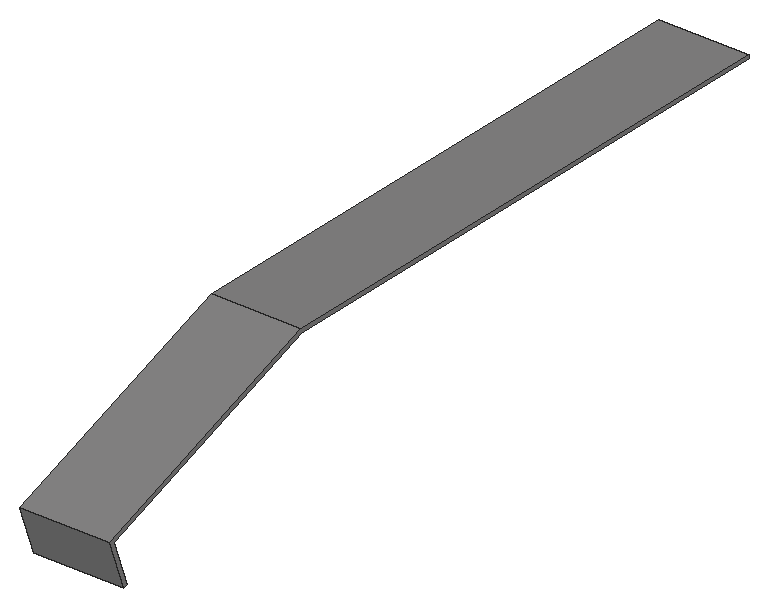
Revit family "Holdown-Simpson_Strong_Tie-LSTHD_STHD-3D", category Structural Connections, host Face, Revit 2012
Parameters (values of type "Use Type Catalog")
  Type Comments = "Holdowns"  # constant formula
  Model ID = "F7CC5208-CDF1-46B8-9A7E-B7E843668332"  # constant formula
  Metal Gauge = 0
  Is Void = yes
  Embedment Length Control = tan(20.00°) * Embedment Length - (41/256" * tan(20.00°))  # 2.85347"
  Embedment Length = 8"
  Width = 3"  # constant formula
  URL = "http://www.strongtie.com"
  Provide Feedback = "http://www.strongtie.com/drawings/revit_request.asp"
  Product Material = Steel - Simpson - Galvanized
  Product Documentation Link = "http://www.strongtie.com/products/connectors/lsthd-sthd.asp"
  Part Number = Model  # "Use Type Catalog"
  Part Description = Description  # "Holdowns"
  Original Creation Date = "May 02 2013"  # constant formula
  Model Disclaimer = "Contact Simpson Strong-Tie Company Inc. for more information"  # constant formula
  Model = "Use Type Catalog"
  Min. Stem Wall = 0"
  Manufacturer = "Simpson Strong-Tie Company Inc."  # constant formula
  Length = 18 5/8"
  Keynote = ""
  Fasteners_Type = "Use Type Catalog"
  Fasteners_Quantity = 0
  Family Version = "1.0.0"  # constant formula
  Equipment Number [instance] = ""
  Equipment Abbreviation = "Use Type Catalog"
  Description = "Holdowns"  # constant formula
  Default Elevation = 0"
  Date Last Modified = "May 09 2013"  # constant formula
  DF/SP/SPF/HF_Allowable Loads_Tension_Non Cracked_Midwall = "Use Type Catalog"
  DF/SP/SPF/HF_Allowable Loads_Tension_Non Cracked_Endwall = "Use Type Catalog"
  DF/SP/SPF/HF_Allowable Loads_Tension_Non Cracked_Corner = "Use Type Catalog"
  DF/SP/SPF/HF_Allowable Loads_Tension_Cracked_Midwall = "Use Type Catalog"
  DF/SP/SPF/HF_Allowable Loads_Tension_Cracked_Endwall = "Use Type Catalog"
  DF/SP/SPF/HF_Allowable Loads_Tension_Cracked_Corner = "Use Type Catalog"
  Copyright = "Copyright © Simpson Strong-Tie Company Inc."  # constant formula
  Code Reference = "Use Type Catalog"
Reference planes (in)
  plane 1 "Center (Front/Back)": y = 0
  plane 2: z = 0
  plane 3 "Center (Left/Right)": x = 0
  plane 4: x = -1.5
  plane 5: x = 1.5
  plane 6: y = 18.625
  plane 7: z = 0.125
  plane 8: z = -2.85347
Forms (in)
  Extrusion 1, solid, material "Steel - Simpson - Galvanized" <- "Product Material", detail levels medium+fine
    sketch origin (1.62237, 0, 0) x (0, 1, 0) y (0, 0, 1)
      loop
        line (-7.83984, -2.85347) -> (0, 0) -> (18.625, 0) -> (18.625, 0.125) -> (-0.02815, 0.125) -> (-8.00009, -2.77877) -> (-7.42114, -4.36819) -> (-7.3042, -4.32402) -> (-7.83984, -2.85347)
    from -3.12237 to -0.12237
Lines and regions (in)
  Masking region 1, detail levels medium+fine
    outline origin (0, 0, 0) x (1, 0, 0) y (0, 1, 0)
      loop
        line (1.5, 18.625) -> (-1.5, 18.625) -> (-1.5, -8.00009) -> (1.5, -8.00009) -> (1.5, 18.625)
  symbolic lines, detail levels medium+fine
    curve 1: line (1.5, -8.00009, 0) -> (1.5, 18.625, 0)
    curve 2: line (1.5, 18.625, 0) -> (-1.5, 18.625, 0)
    curve 3: line (-1.5, 18.625, 0) -> (-1.5, -8.00009, 0)
    curve 4: line (-1.5, -0.02815, 0) -> (1.5, -0.02815, 0)
    curve 5: line (-1.5, -8.00009, 0) -> (1.5, -8.00009, 0)
Dimensions and locks (in)
  locked: Extrusion 1 sketch curve to Extrusion 1 sketch curve at 0.125  (x2)
  "Length": plane 1 "Center (Front/Back)" to plane 6
  locked: plane 7 to plane 2 at 0.125
  equal spacing: plane 4, plane 3 "Center (Left/Right)", plane 5
  "Embedment Length Control": plane 2 to plane 8
  "Width": plane 4 to plane 5
  angle Extrusion 1 sketch curve to Extrusion 1 sketch curve = 89.9859°
  locked: plane 2 to Extrusion 1 sketch curve (angle 20.00°)
  aligned and locked: plane 2 to host face
  aligned and locked: level to host face
  aligned and locked: Extrusion 1 sketch curve to plane 7
  aligned and locked: Extrusion 1 sketch curve to plane 6
  aligned and locked: Extrusion 1 to plane 4
  aligned and locked: Extrusion 1 to plane 5
  aligned and locked: plane 1 "Center (Front/Back)" to Extrusion 1 sketch curve
  aligned and locked: plane 8 to Extrusion 1 sketch curve
  aligned and locked: curve 1 to Extrusion 1
  aligned and locked: curve 2 to Extrusion 1
  aligned and locked: curve 3 to Extrusion 1
  aligned and locked: curve 4 to Extrusion 1
  aligned and locked: curve 5 to Extrusion 1
  aligned and locked: Masking region 1 sketch curve to Extrusion 1  (x3)
  aligned and locked: Masking region 1 sketch curve to curve 5
Automatic sketch dimensions
  host sketch curve to host sketch curve = 4.78865"
  host sketch curve to host sketch curve = 3.83573"
  Extrusion 1 sketch curve to plane 8 = 1.51473"
  Extrusion 1 sketch curve to plane 8 = 1.47055"
  plane 8 to Extrusion 1 sketch curve = 0.0747"
  curve 2 to plane 4 = 0"
  curve 2 to plane 5 = 0"
  plane 6 to curve 2 = 0"
  plane 1 "Center (Front/Back)" to curve 1 = 8.00009"
  plane 1 "Center (Front/Back)" to curve 4 = 0.02815"
